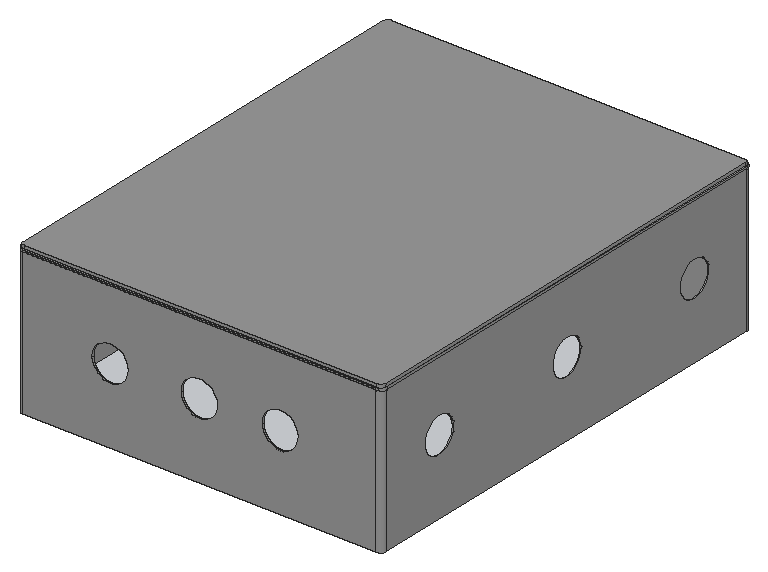
Revit family "Building-SurfaceMountingEnclosures-GEWISS-44CE-JUNCTION-BOXES-WALL-MOUNTING_12HOLES", category Apparecchi elettrici, host Superficie, Revit 2016
Family settings
  Host = Superficie
  Mantenere orientamento annotazione = Sì
  Tipo di parte = Normale
  Quota connettore circolare = Usa diametro
  Numero OmniClass = 23.80.30.14.24
  Titolo OmniClass = Junction Boxes
  Taglio con vuoti quando caricato = No
  Condiviso = No
  Punto di calcolo locali = Sì
Parameters (values of type "GW44060 - JUNCT.BOX GL.380X300X120 IP55 GWT960")
  raggio = 15 mm
  Walls = "With cable glands"
  Voltaggio_x = 0 V
  Version file RFA = "18.0"
  VISTA DI PIANTA [instance] = yes
  URL = "https://www.gewiss.com/ww/en"
  Type of material = ""
  Torque screws tightening = "1,8NM"
  Thermo-pressure with ball = "85 °C"
  Technical sheet = "https://www.gewiss.com/ww/en/search?q=GW44060"
  Spostamento_x [instance] = 0 mm
  Spostamento_effettivo_x [instance] = 4000 mm - Spostamento_x  # 4000 mm
  Shock resistance = "IK08"
  SEO = "Box"
  Realized by GEWISS S.p.A. = ""
  Produttore = "GEWISS S.p.A."
  Operating temperature = "-25 +60 °C"
  Material = "Technopolymer GWPLAST 75"
  Lid screws (no. and type) = "4 insul. sealable hinged"
  Lid = "Plain screwed"
  Internal dim. LxHxD (mm) = "380x300x120"
  Insulation class = "II (according to IEC 61140 standards)"
  Immagine tipo = GW44060.jpg
  Scatola = GEWISS SCATOLA
  SIMBOLO [instance] = yes
  Modello = "GW44060"
  IP degree = "IP55"
  IDT = "3c1c6504-ca7d-486c-980e-388c46ab8b09"
  IDF = "b295e427-0e84-407e-92a9-23a04096eefe"
  Glow Wire Test = "960°C"
  Entries No. holes / Ã˜ = "12 / 48"
  Electrocod = "02210"
  EAN code = "8011564243859"
  Distanza orizzontale simbolo [instance] = 0 mm
  Distanza dal muro [instance] = 0 mm
  Default Elevation = 1219.2 mm
  Lunghezza_interna = 300 mm
  Larghezza_interna = 380 mm
  Spessore = 120 mm
  Diametro connessioni = 30 mm
  Dettaglio = Elemento di dettaglio - 44CE-12IN : 380X300X120
  Descrizione = "JUNCT.BOX GL.380X300X120 IP55 GWT960"
  Coperchio = GEWISS COPERCHIO
  Colour = "Grey RAL 7035"
  Classificazione = Other
  Catalogue Range = "44 CE"
  Catalogue = "BUILDING"
  Carico apparente = 0 VA
  CORNICE SIMBOLO [instance] = no
  COBie.Tagnumber = ""
  COBie.CreatedOn = ""
  COBie.CreatebBy = ""
  COBie.ComponentRegisterItemID = ""
  COBie.Component.TagNumber = ""
  COBie.Component.Space = ""
  COBie.Component.SerialNumber = ""
  COBie.Component.InstallationDate = ""
  COBie.Component.Description = ""
  COBie.Component.BarCode = ""
  Application = "Special uses"
  Accessories for insulation restoring = "GW44621, GW44623"
Reference planes
  plane 1 "Centro (Fronte/Retro)": y = 0
  plane 2 "base muro": z = 0
  plane 3 "Centro (Sinistra/Destra)": x = 0
  plane 4: x = -151.081
  plane 5: y = 191.081
  plane 6: x = 151.081
  plane 7: y = -191.081
  plane 8: y = 190
  plane 9: x = -150
  plane 10: y = -190
  plane 11: x = 150
  plane 12: y = 195.081
  plane 13: x = 155.081
  plane 14: y = -195.081
  plane 15: x = -155.081
  plane 16: z = 120
  plane 17: z = 124
  plane 18: z = 1
  plane 19: x = -73.824
  plane 20: x = 66.938
  plane 21: y = -132
  plane 22: y = 132
  plane 23 "a": z = 62.5
  plane 24: x = 0
  plane 25: x = -4000
Forms (mm)
  Extrusion 1, solid, material "GEWISS SCATOLA" <- "Scatola"
    sketch origin (0, 0, 0) x (1, 0, 0) y (0, 1, 0)
      loop
        arc (-145.934, 191.081) -> (-149.573, 189.573) -> (-151.081, 185.934) r 5.147
        line (-151.081, 185.934) -> (-151.081, -185.934)
        arc (-151.081, -185.934) -> (-149.573, -189.573) -> (-145.934, -191.081) r 5.147
        line (-145.934, -191.081) -> (145.934, -191.081)
        arc (145.934, -191.081) -> (149.573, -189.573) -> (151.081, -185.934) r 5.147
        line (151.081, -185.934) -> (151.081, 185.934)
        arc (151.081, 185.934) -> (149.573, 189.573) -> (145.934, 191.081) r 5.147
        line (145.934, 191.081) -> (-145.934, 191.081)
      loop
        arc (-145.934, 190) -> (-148.809, 188.809) -> (-150, 185.934) r 4.066
        line (-150, 185.934) -> (-150, -185.934)
        arc (-150, -185.934) -> (-148.809, -188.809) -> (-145.934, -190) r 4.066
        line (-145.934, -190) -> (145.936, -190)
        arc (145.936, -190) -> (148.81, -188.809) -> (150.001, -185.935) r 4.065
        line (150.001, -185.935) -> (150.001, 185.934)
        arc (150.001, 185.934) -> (148.81, 188.809) -> (145.934, 190) r 4.066
        line (145.934, 190) -> (-145.934, 190)
    from 0 to 120
  Extrusion 2, solid, material "GEWISS COPERCHIO" <- "Coperchio"
    sketch origin (0, 0, 0) x (1, 0, 0) y (0, 1, 0)
      loop
        line (145.934, 191.081) -> (-145.934, 191.081)
        arc (-145.934, 191.081) -> (-149.573, 189.573) -> (-151.081, 185.934) r 5.147
        line (-151.081, 185.934) -> (-151.081, -185.934)
        arc (-151.081, -185.934) -> (-149.573, -189.573) -> (-145.934, -191.081) r 5.147
        line (-145.934, -191.081) -> (145.934, -191.081)
        arc (145.934, -191.081) -> (149.573, -189.573) -> (151.081, -185.934) r 5.147
        line (151.081, -185.934) -> (151.081, 185.934)
        arc (151.081, 185.934) -> (149.573, 189.573) -> (145.934, 191.081) r 5.147
    from 120 to 124
  Sweep 3, void
    path in 3D
      loop
        arc (-151.081, -185.934, 124) -> (-149.573, -189.573, 124) -> (-145.934, -191.081, 124) r 5.147
        line (-145.934, -191.081, 124) -> (145.934, -191.081, 124)
        arc (145.934, -191.081, 124) -> (149.573, -189.573, 124) -> (151.081, -185.934, 124) r 5.147
        line (151.081, -185.934, 124) -> (151.081, 185.934, 124)
        arc (151.081, 185.934, 124) -> (149.573, 189.573, 124) -> (145.934, 191.081, 124) r 5.147
        line (145.934, 191.081, 124) -> (-145.934, 191.081, 124)
        arc (-145.934, 191.081, 124) -> (-149.573, 189.573, 124) -> (-151.081, 185.934, 124) r 5.147
        line (-151.081, 185.934, 124) -> (-151.081, -185.934, 124)
    profile origin (-151.081, 0, 124) x (1, 0, 0) y (0, 0, 1)
      loop
        line (0, 0) -> (0, -2.269) -> (1.081, -2.269) -> (1.081, 0) -> (0, 0)
  Extrusion 4, solid
    sketch origin (0, 0, 0) x (1, 0, 0) y (0, 1, 0)
      loop
        arc (-145.934, 190) -> (-148.809, 188.809) -> (-150, 185.934) r 4.066
        line (-150, 185.934) -> (-150, -185.934)
        arc (-150, -185.934) -> (-148.809, -188.809) -> (-145.934, -190) r 4.066
        line (-145.934, -190) -> (145.936, -190)
        arc (145.936, -190) -> (148.81, -188.809) -> (150.001, -185.935) r 4.065
        line (150.001, -185.935) -> (150.001, 185.934)
        arc (150.001, 185.934) -> (148.81, 188.809) -> (145.934, 190) r 4.066
        line (145.934, 190) -> (-145.934, 190)
    from 0 to 1
  Sweep 5, void
    path origin (0, 0, 62.5) x (-1, 0, 0) y (0, -1, 0)
      loop
        line (151.537, -132) -> (-151.537, -132)
    profile origin (0, 132, 62.5) x (0, 1, 0) y (0, 0, 1)
      loop
        circle (0, 0) r 15
      loop
        circle (-132, 0) r 15
      loop
        circle (-264, 0) r 15
  Extrusion 6, void
    sketch origin (0, 0, 0) x (1, 0, 0) y (0, 0, 1)
      loop
        circle (-73.824, 62.5) r 15
      loop
        circle (66.938, 62.5) r 15
      loop
        circle (0, 62.5) r 15
    from -191.081 to 191.081
Cuts and joins
  Sweep 3 cuts Extrusion 2
  Sweep 5, Extrusion 6 cuts Extrusion 1
Lines and regions (mm)
  Masking region 1
    outline origin (0, 0, 0) x (0, 1, 0) y (0, 0, 1)
      loop
        line (-191.081, 0) -> (191.081, 0) -> (191.081, 124) -> (-191.081, 124) -> (-191.081, 0)
  Masking region 2, detail levels medium+fine
    outline origin (0, 0, 0) x (0, 1, 0) y (0, 0, 1)
      loop
        circle (-132, 62.5) r 15
      loop
        circle (0, 62.5) r 15
      loop
        circle (132, 62.5) r 15
  Masking region 3, visible <- "VISTA DI PIANTA"
    outline origin (0, 0, 0) x (1, 0, 0) y (0, 0, 1)
      loop
        line (-151.081, 124) -> (-151.081, 0) -> (151.081, 0) -> (151.081, 124) -> (-151.081, 124)
  sketch lines
    curve 1: line (-151.081, 185.934, 124) -> (-151.081, -185.934, 124)
    curve 2: arc (-145.934, -191.081, 124) -> (-149.573, -189.573, 124) -> (-151.081, -185.934, 124) r 5.147
    curve 3: line (-145.934, -191.081, 124) -> (145.934, -191.081, 124)
    curve 4: arc (151.081, -185.934, 124) -> (149.573, -189.573, 124) -> (145.934, -191.081, 124) r 5.147
    curve 5: line (151.081, -185.934, 124) -> (151.081, 185.934, 124)
    curve 6: arc (145.934, 191.081, 124) -> (149.573, 189.573, 124) -> (151.081, 185.934, 124) r 5.147
    curve 7: line (145.934, 191.081, 124) -> (-145.934, 191.081, 124)
    curve 8: arc (-151.081, 185.934, 124) -> (-149.573, 189.573, 124) -> (-145.934, 191.081, 124) r 5.147
Dimensions and locks
  locked: plane 4 to plane 9 at 1.081
  locked: plane 5 to plane 8 at 1.081
  locked: plane 10 to plane 7 at 1.081
  locked: plane 11 to plane 6 at 1.081
  locked: plane 7 to plane 14 at 4
  locked: plane 15 to plane 4 at 4
  locked: plane 6 to plane 13 at 4
  locked: plane 12 to plane 5 at 4
  equal spacing: plane 9, plane 3 "Centro (Sinistra/Destra)", plane 11
  "Lunghezza_interna": plane 9 to plane 11
  equal spacing: plane 8, plane 1 "Centro (Fronte/Retro)", plane 10
  "Larghezza_interna": plane 8 to plane 10
  "Spessore": plane 16 to host face
  locked: plane 17 to plane 16 at 4
  equal spacing: plane 17, plane 23 "a", plane 18
  locked: plane 12 to plane 22 at 63.081
  locked: plane 21 to plane 14 at 63.081
  plane 25 to plane 3 "Centro (Sinistra/Destra)" = 4000 mm
  "Spostamento_effettivo_x": plane 25 to plane 24
  "raggio": radius of Sweep 5 sketch curve  (x3)
  "raggio": radius of Extrusion 6 sketch curve  (x3)
  aligned and locked: plane 2 "base muro" to host face
  aligned and locked: level to host face
  aligned and locked: Extrusion 1 sketch curve to plane 5
  aligned and locked: Extrusion 1 sketch curve to plane 4
  aligned and locked: Extrusion 1 sketch curve to plane 7
  aligned and locked: Extrusion 1 sketch curve to plane 6
  aligned and locked: Extrusion 1 sketch curve to plane 8
  aligned and locked: Extrusion 1 sketch curve to plane 9
  aligned and locked: Extrusion 1 sketch curve to plane 10
  aligned and locked: plane 3 "Centro (Sinistra/Destra)" to nested 1
  aligned and locked: Extrusion 1 to host face
  aligned and locked: plane 16 to Extrusion 1
  aligned and locked: Extrusion 2 sketch curve to Extrusion 1  (x4)
  aligned and locked: Extrusion 2 to plane 16
  aligned and locked: plane 17 to Extrusion 2
  aligned and locked: Extrusion 4 sketch curve to Extrusion 1  (x3)
  aligned and locked: Extrusion 4 sketch curve to cut or joined group of Extrusion 2, Sweep 3
  aligned and locked: Extrusion 4 to host face
  aligned and locked: plane 18 to Extrusion 4
  aligned and locked: plane 23 "a" to Sweep 5 sketch curve  (x3)
  aligned and locked: plane 22 to Sweep 5 sketch curve
  aligned and locked: plane 1 "Centro (Fronte/Retro)" to Sweep 5 sketch curve
  aligned and locked: plane 21 to Sweep 5 sketch curve
  aligned and locked: plane 19 to Extrusion 6 sketch curve
  aligned and locked: plane 23 "a" to Extrusion 6 sketch curve  (x3)
  aligned and locked: plane 3 "Centro (Sinistra/Destra)" to Extrusion 6 sketch curve
  aligned and locked: plane 20 to Extrusion 6 sketch curve
  aligned and locked: Extrusion 1 to Extrusion 6
  aligned and locked: Masking region 1 sketch curve to cut or joined group of Extrusion 1, Sweep 5, Extrusion 6  (x2)
  aligned and locked: plane 17 to Masking region 1 sketch curve
  aligned and locked: plane 5 to Masking region 1 sketch curve
  aligned and locked: Masking region 2 sketch curve to cut or joined group of Extrusion 1, Sweep 5, Extrusion 6  (x2)
  aligned and locked: Masking region 3 sketch curve to plane 17
  aligned and locked: Masking region 3 sketch curve to cut or joined group of Extrusion 1, Sweep 5, Extrusion 6  (x2)
  aligned and locked: Masking region 3 sketch curve to plane 4
  aligned and locked: plane 24 to nested 2
  aligned and locked: Extrusion 6 to plane 7
  aligned and locked: plane 5 to Extrusion 6
Automatic sketch dimensions
  host sketch curve to host sketch curve = 2438.4 mm  (x2)
  Extrusion 1 sketch curve to plane 4 = 5.147 mm  (x2)
  plane 6 to Extrusion 1 sketch curve = 5.147 mm
  Extrusion 1 sketch curve to plane 5 = 5.147 mm
  Extrusion 1 sketch curve to Extrusion 1 sketch curve = 0 mm  (x2)
  Extrusion 1 sketch curve to Extrusion 1 sketch curve = 0.001 mm  (x2)
  Extrusion 1 sketch curve to plane 8 = 4.066 mm
  Extrusion 2 sketch curve to plane 8 = 4.066 mm  (x2)
  plane 10 to Extrusion 2 sketch curve = 4.066 mm  (x2)
  profile plane to Sweep 3 sketch curve = 0 mm
  Sweep 3 sketch curve to profile plane = 0 mm
  Sweep 3 sketch curve to profile plane = 1.081 mm
  Sweep 3 sketch curve to Sweep 3 sketch curve = 2.269 mm
  plane 9 to Extrusion 4 sketch curve = 4.066 mm
  Extrusion 4 sketch curve to plane 11 = 4.066 mm
  Extrusion 4 sketch curve to Extrusion 4 sketch curve = 4.066 mm
  Extrusion 4 sketch curve to plane 11 = 4.064 mm
  Sweep 5 sketch curve to plane 22 = 0 mm
  Sweep 5 sketch curve to plane 6 = 0.456 mm
  plane 4 to Sweep 5 sketch curve = 0.456 mm
  Masking region 2 sketch curve to Masking region 2 sketch curve = 0 mm  (x4)
  Masking region 2 sketch curve to plane 23 "a" = 0 mm  (x2)
  Masking region 2 sketch curve to plane 1 "Centro (Fronte/Retro)" = 0 mm
  Masking region 2 sketch curve to plane 22 = 0 mm
  plane 1 "Centro (Fronte/Retro)" to Masking region 2 sketch curve = 15 mm
  Masking region 2 sketch curve to plane 22 = 15 mm
Nested families
  nested 1: "Elemento di dettaglio - 44CE-12IN" at (0, 0, 0), type <- "Dettaglio", type "380X300X120"
  nested 2: "CASSDERIVAZPARPASS" at (0, -9.516, 0), BORDO ACCESO <- "CORNICE SIMBOLO", SIMBOLO ACCESO <- "SIMBOLO", Distanza dal muro <- "Distanza dal muro", type "CASSETTA"
    with SIMBOLO ACCESO yes, Distanza dal muro 0 mm, BORDO ACCESO no
Connectors
  electrical at (0, 0, 0), driven by "Classificazione", driven by "Voltaggio_x", driven by "Carico apparente"
    settings: on Extrusion 1, index 1, voltage 0 V, apparent load 0 VA, apparent load phase1 0 VA, apparent load phase2 0 VA, apparent load phase3 0 VA, power factor 1, load classification "Other", number of poles 1, system type 31, power factor state 1, is connector primary yes, connector utility no, sub classification motor no, connector description ""
  cabletrayconduit at (-151.081, 132, 62.5), diameter 30, driven by "Diametro connessioni"
    settings: on cut or joined group of Extrusion 1, Sweep 5, Extrusion 6, index 2, connector width 300 mm, connector height 300 mm, connector angle 0.00°, system type 32, placement type 0, profile type 0, connector reference index -1, is primary connector yes, connector utility param no, connector description ""
  cabletrayconduit at (-151.081, 0, 62.5), diameter 30, driven by "Diametro connessioni"
    settings: on cut or joined group of Extrusion 1, Sweep 5, Extrusion 6, index 3, connector width 300 mm, connector height 300 mm, connector angle 0.00°, system type 32, placement type 0, profile type 0, connector reference index -1, is primary connector no, connector utility param no, connector description ""
  cabletrayconduit at (-151.081, -132, 62.5), diameter 30, driven by "Diametro connessioni"
    settings: on cut or joined group of Extrusion 1, Sweep 5, Extrusion 6, index 4, connector width 300 mm, connector height 300 mm, connector angle 0.00°, system type 32, placement type 0, profile type 0, connector reference index -1, is primary connector no, connector utility param no, connector description ""
  cabletrayconduit at (-73.824, -191.081, 62.5), diameter 30, driven by "Diametro connessioni"
    settings: on cut or joined group of Extrusion 1, Sweep 5, Extrusion 6, index 5, connector width 300 mm, connector height 300 mm, connector angle 0.00°, system type 32, placement type 0, profile type 0, connector reference index -1, is primary connector no, connector utility param no, connector description ""
  cabletrayconduit at (0, -191.081, 62.5), diameter 30, driven by "Diametro connessioni"
    settings: on cut or joined group of Extrusion 1, Sweep 5, Extrusion 6, index 6, connector width 300 mm, connector height 300 mm, connector angle 0.00°, system type 32, placement type 0, profile type 0, connector reference index -1, is primary connector no, connector utility param no, connector description ""
  cabletrayconduit at (66.938, -191.081, 62.5), diameter 30, driven by "Diametro connessioni"
    settings: on cut or joined group of Extrusion 1, Sweep 5, Extrusion 6, index 7, connector width 300 mm, connector height 300 mm, connector angle 0.00°, system type 32, placement type 0, profile type 0, connector reference index -1, is primary connector no, connector utility param no, connector description ""
  cabletrayconduit at (151.081, -132, 62.5), diameter 30, driven by "Diametro connessioni"
    settings: on cut or joined group of Extrusion 1, Sweep 5, Extrusion 6, index 8, connector width 300 mm, connector height 300 mm, connector angle 0.00°, system type 32, placement type 0, profile type 0, connector reference index -1, is primary connector no, connector utility param no, connector description ""
  cabletrayconduit at (151.081, 0, 62.5), diameter 30, driven by "Diametro connessioni"
    settings: on cut or joined group of Extrusion 1, Sweep 5, Extrusion 6, index 9, connector width 300 mm, connector height 300 mm, connector angle 0.00°, system type 32, placement type 0, profile type 0, connector reference index -1, is primary connector no, connector utility param no, connector description ""
  cabletrayconduit at (151.081, 132, 62.5), diameter 30, driven by "Diametro connessioni"
    settings: on cut or joined group of Extrusion 1, Sweep 5, Extrusion 6, index 10, connector width 300 mm, connector height 300 mm, connector angle 0.00°, system type 32, placement type 0, profile type 0, connector reference index -1, is primary connector no, connector utility param no, connector description ""
  cabletrayconduit at (66.938, 191.081, 62.5), diameter 30, driven by "Diametro connessioni"
    settings: on cut or joined group of Extrusion 1, Sweep 5, Extrusion 6, index 11, connector width 300 mm, connector height 300 mm, connector angle 0.00°, system type 32, placement type 0, profile type 0, connector reference index -1, is primary connector no, connector utility param no, connector description ""
  cabletrayconduit at (0, 191.081, 62.5), diameter 30, driven by "Diametro connessioni"
    settings: on cut or joined group of Extrusion 1, Sweep 5, Extrusion 6, index 12, connector width 300 mm, connector height 300 mm, connector angle 0.00°, system type 32, placement type 0, profile type 0, connector reference index -1, is primary connector no, connector utility param no, connector description ""
  cabletrayconduit at (-73.824, 191.081, 62.5), diameter 30, driven by "Diametro connessioni"
    settings: on cut or joined group of Extrusion 1, Sweep 5, Extrusion 6, index 13, connector width 300 mm, connector height 300 mm, connector angle 0.00°, system type 32, placement type 0, profile type 0, connector reference index -1, is primary connector no, connector utility param no, connector description ""
Definition of nested family "Elemento di dettaglio - 44CE-12IN"
  Parameters (values of type "380X300X120")
    380X300X120 = yes
    300X220X120 = no
    240X190X90 = no
  Types (3, lengths in mm): name | 380X300X120 | 300X220X120 | 240X190X90
    240X190X90 | no | no | yes
    300X220X120 | no | yes | no
    380X300X120 | yes | no | no
  Reference planes
    plane 1 "Centro (Fronte/Retro)": y = 0
    plane 2: z = 0
    plane 3 "Centro (Sinistra/Destra)": x = 0
  Lines and regions (mm)
    detail lines, in view "Livello rif.", visible <- "240X190X90"
      curve 1: arc (96.537, 113.781, 0) -> (93.679, 120.679, 0) -> (86.781, 123.537, 0) r 9.756
      curve 2: arc (-86.781, 123.537, 0) -> (-93.679, 120.679, 0) -> (-96.537, 113.781, 0) r 9.756
      curve 3: arc (86.781, -123.537, 0) -> (93.679, -120.679, 0) -> (96.537, -113.781, 0) r 9.756
      curve 5: arc (-96.537, -113.781, 0) -> (-93.679, -120.679, 0) -> (-86.781, -123.537, 0) r 9.756
      curve 40: line (-86.781, -123.537, 0) -> (86.781, -123.537, 0)
      curve 62: line (96.537, 113.781, 0) -> (96.537, -113.781, 0)
      curve 64: line (-96.537, 113.781, 0) -> (-96.537, -113.781, 0)
      curve 77: line (-86.781, 123.537, 0) -> (86.781, 123.537, 0)
    detail lines, in view "Livello rif.", visible <- "240X190X90", detail levels medium+fine
      curve 4: arc (86.781, -120.122, 0) -> (91.265, -118.265, 0) -> (93.122, -113.781, 0) r 6.341
      curve 6: arc (-93.122, -113.781, 0) -> (-91.265, -118.265, 0) -> (-86.781, -120.122, 0) r 6.341
      curve 24: arc (-86.781, 120.122, 0) -> (-91.265, 118.265, 0) -> (-93.122, 113.781, 0) r 6.341
      curve 26: arc (93.122, 113.781, 0) -> (91.265, 118.265, 0) -> (86.781, 120.122, 0) r 6.341
      curve 41: line (-86.781, -120.122, 0) -> (86.781, -120.122, 0)
      curve 63: line (93.122, 113.781, 0) -> (93.122, -113.781, 0)
      curve 65: line (-93.122, 113.781, 0) -> (-93.122, -113.781, 0)
      curve 78: line (-86.781, 120.122, 0) -> (86.781, 120.122, 0)
    detail lines, in view "Livello rif.", visible <- "240X190X90", detail levels fine
      curve 7: arc (-63.117, -125.959, 0) -> (-62.212, -128.13, 0) -> (-60.037, -129.024, 0) r 3.073
      curve 8: arc (14.007, -129.024, 0) -> (16.176, -128.122, 0) -> (17.073, -125.951, 0) r 3.073
      curve 9: arc (-17.073, -125.959, 0) -> (-16.168, -128.13, 0) -> (-13.993, -129.024, 0) r 3.073
      curve 10: arc (-32.037, -129.024, 0) -> (-29.869, -128.122, 0) -> (-28.971, -125.951, 0) r 3.073
      curve 11: arc (34.806, -125.959, 0) -> (35.711, -128.13, 0) -> (37.886, -129.024, 0) r 3.073
      curve 12: arc (65.886, -129.024, 0) -> (68.054, -128.122, 0) -> (68.952, -125.951, 0) r 3.073
      curve 13: arc (-102.024, -74.007, 0) -> (-101.119, -76.178, 0) -> (-98.944, -77.073, 0) r 3.073
      curve 14: arc (-98.951, -42.927, 0) -> (-101.127, -43.83, 0) -> (-102.024, -46.007, 0) r 3.073
      curve 15: arc (-102.024, -14.007, 0) -> (-101.119, -16.178, 0) -> (-98.944, -17.073, 0) r 3.073
      curve 16: arc (-98.951, 17.073, 0) -> (-101.127, 16.17, 0) -> (-102.024, 13.993, 0) r 3.073
      curve 17: arc (-102.024, 45.993, 0) -> (-101.122, 43.824, 0) -> (-98.951, 42.927, 0) r 3.073
      curve 18: arc (-98.944, 77.073, 0) -> (-101.124, 76.173, 0) -> (-102.024, 73.993, 0) r 3.073
      curve 19: arc (98.959, -77.073, 0) -> (101.127, -76.17, 0) -> (102.024, -74, 0) r 3.073
      curve 20: arc (102.024, -46, 0) -> (101.124, -43.827, 0) -> (98.951, -42.927, 0) r 3.073
      curve 21: arc (98.959, -17.073, 0) -> (101.127, -16.17, 0) -> (102.024, -14, 0) r 3.073
      curve 22: arc (102.024, 14, 0) -> (101.124, 16.173, 0) -> (98.951, 17.073, 0) r 3.073
      curve 23: arc (98.951, 42.927, 0) -> (101.124, 43.827, 0) -> (102.024, 46, 0) r 3.073
      curve 25: arc (102.024, 74, 0) -> (101.127, 76.17, 0) -> (98.959, 77.073, 0) r 3.073
      curve 27: arc (-65.824, 129.024, 0) -> (-68, 128.122, 0) -> (-68.897, 125.944, 0) r 3.073
      curve 28: arc (17.073, 125.951, 0) -> (16.173, 128.124, 0) -> (14, 129.024, 0) r 3.073
      curve 29: arc (-34.751, 125.951, 0) -> (-35.651, 128.124, 0) -> (-37.824, 129.024, 0) r 3.073
      curve 30: arc (-14, 129.024, 0) -> (-16.176, 128.122, 0) -> (-17.073, 125.944, 0) r 3.073
      curve 31: arc (37.879, 129.024, 0) -> (35.703, 128.122, 0) -> (34.806, 125.944, 0) r 3.073
      curve 32: arc (68.952, 125.951, 0) -> (68.052, 128.124, 0) -> (65.879, 129.024, 0) r 3.073
      curve 33: line (68.952, 125.951, 0) -> (68.952, 123.537, 0)
      curve 34: line (34.806, 125.944, 0) -> (34.806, 123.537, 0)
      curve 35: line (17.073, 125.951, 0) -> (17.073, 123.537, 0)
      curve 36: line (-68.897, 125.944, 0) -> (-68.897, 123.537, 0)
      curve 37: line (-34.751, 125.951, 0) -> (-34.751, 123.537, 0)
      curve 38: line (-17.073, 125.944, 0) -> (-17.073, 123.537, 0)
      curve 39: line (-17.073, 123.537, 0) -> (-18.223, 123.537, 0)
      curve 42: line (-32.037, -129.024, 0) -> (-60.037, -129.024, 0)
      curve 43: line (-63.117, -125.959, 0) -> (-63.117, -123.537, 0)
      curve 44: line (-17.073, -125.959, 0) -> (-17.073, -123.537, 0)
      curve 45: line (-17.073, -123.537, 0) -> (-18.223, -123.537, 0)
      curve 46: line (-13.993, -129.024, 0) -> (14.007, -129.024, 0)
      curve 47: line (-28.971, -125.951, 0) -> (-28.971, -123.537, 0)
      curve 48: line (17.072, -125.773, 0) -> (17.072, -123.359, 0)
      curve 49: line (37.886, -129.024, 0) -> (65.886, -129.024, 0)
      curve 50: line (34.806, -125.959, 0) -> (34.806, -123.537, 0)
      curve 51: line (68.952, -125.951, 0) -> (68.952, -123.537, 0)
      curve 52: line (-98.944, 77.073, 0) -> (-96.537, 77.073, 0)
      curve 53: line (-98.951, 42.927, 0) -> (-96.537, 42.927, 0)
      curve 54: line (-98.951, 17.073, 0) -> (-96.537, 17.073, 0)
      curve 55: line (-98.944, -17.073, 0) -> (-96.537, -17.073, 0)
      curve 56: line (-98.951, -42.927, 0) -> (-96.537, -42.927, 0)
      curve 57: line (-96.537, -42.927, 0) -> (-96.537, -80.071, 0)
      curve 58: line (-98.944, -77.073, 0) -> (-96.537, -77.073, 0)
      curve 59: line (-102.024, 13.993, 0) -> (-102.024, -14.007, 0)
      curve 60: line (-102.024, -46.007, 0) -> (-102.024, -74.007, 0)
      curve 61: line (-102.024, 45.993, 0) -> (-102.024, 73.993, 0)
      curve 66: line (102.024, 14, 0) -> (102.024, -14, 0)
      curve 67: line (102.024, -46, 0) -> (102.024, -74, 0)
      curve 68: line (96.537, -39.929, 0) -> (96.537, -42.927, 0)
      curve 69: line (96.537, -42.927, 0) -> (96.537, -80.071, 0)
      curve 70: line (98.959, -77.073, 0) -> (96.537, -77.073, 0)
      curve 71: line (-96.537, -42.927, 0) -> (-96.537, -39.936, 0)
      curve 72: line (98.951, -42.927, 0) -> (96.537, -42.927, 0)
      curve 73: line (98.959, -17.073, 0) -> (96.537, -17.073, 0)
      curve 74: line (102.024, 46, 0) -> (102.024, 74, 0)
      curve 75: line (98.951, 17.073, 0) -> (96.537, 17.073, 0)
      curve 76: line (98.951, 42.927, 0) -> (96.537, 42.927, 0)
      curve 79: line (-73.204, 120.464, 0) -> (-73.204, 120.122, 0)
      curve 80: line (96.537, 77.073, 0) -> (98.959, 77.073, 0)
      curve 81: line (98.959, 77.073, 0) -> (96.537, 77.073, 0)
      curve 82: line (-37.824, 129.024, 0) -> (-65.824, 129.024, 0)
      curve 83: line (-14, 129.024, 0) -> (14, 129.024, 0)
      curve 84: line (37.879, 129.024, 0) -> (65.879, 129.024, 0)
    detail lines, in view "Livello rif.", visible <- "240X190X90", not visible
      curve 85: arc (96.537, 113.781, 0) -> (93.679, 120.679, 0) -> (86.781, 123.537, 0) r 9.756
      curve 86: arc (-86.781, 123.537, 0) -> (-93.679, 120.679, 0) -> (-96.537, 113.781, 0) r 9.756
      curve 87: arc (86.781, -123.537, 0) -> (93.679, -120.679, 0) -> (96.537, -113.781, 0) r 9.756
      curve 89: arc (-96.537, -113.781, 0) -> (-93.679, -120.679, 0) -> (-86.781, -123.537, 0) r 9.756
      curve 124: line (-86.781, -123.537, 0) -> (86.781, -123.537, 0)
      curve 146: line (96.537, 113.781, 0) -> (96.537, -113.781, 0)
      curve 148: line (-96.537, 113.781, 0) -> (-96.537, -113.781, 0)
      curve 161: line (-86.781, 123.537, 0) -> (86.781, 123.537, 0)
    detail lines, in view "Livello rif.", visible <- "240X190X90", not visible, detail levels medium+fine
      curve 88: arc (86.781, -120.122, 0) -> (91.265, -118.265, 0) -> (93.122, -113.781, 0) r 6.341
      curve 90: arc (-93.122, -113.781, 0) -> (-91.265, -118.265, 0) -> (-86.781, -120.122, 0) r 6.341
      curve 108: arc (-86.781, 120.122, 0) -> (-91.265, 118.265, 0) -> (-93.122, 113.781, 0) r 6.341
      curve 110: arc (93.122, 113.781, 0) -> (91.265, 118.265, 0) -> (86.781, 120.122, 0) r 6.341
      curve 125: line (-86.781, -120.122, 0) -> (86.781, -120.122, 0)
      curve 147: line (93.122, 113.781, 0) -> (93.122, -113.781, 0)
      curve 149: line (-93.122, 113.781, 0) -> (-93.122, -113.781, 0)
      curve 162: line (-86.781, 120.122, 0) -> (86.781, 120.122, 0)
    detail lines, in view "Livello rif.", visible <- "240X190X90", not visible, detail levels fine
      curve 91: arc (-63.117, -125.959, 0) -> (-62.212, -128.13, 0) -> (-60.037, -129.024, 0) r 3.073
      curve 92: arc (14.007, -129.024, 0) -> (16.176, -128.122, 0) -> (17.073, -125.951, 0) r 3.073
      curve 93: arc (-17.073, -125.959, 0) -> (-16.168, -128.13, 0) -> (-13.993, -129.024, 0) r 3.073
      curve 94: arc (-32.037, -129.024, 0) -> (-29.869, -128.122, 0) -> (-28.971, -125.951, 0) r 3.073
      curve 95: arc (34.806, -125.959, 0) -> (35.711, -128.13, 0) -> (37.886, -129.024, 0) r 3.073
      curve 96: arc (65.886, -129.024, 0) -> (68.054, -128.122, 0) -> (68.952, -125.951, 0) r 3.073
      curve 97: arc (-102.024, -74.007, 0) -> (-101.119, -76.178, 0) -> (-98.944, -77.073, 0) r 3.073
      curve 98: arc (-98.951, -42.927, 0) -> (-101.127, -43.83, 0) -> (-102.024, -46.007, 0) r 3.073
      curve 99: arc (-102.024, -14.007, 0) -> (-101.119, -16.178, 0) -> (-98.944, -17.073, 0) r 3.073
      curve 100: arc (-98.951, 17.073, 0) -> (-101.127, 16.17, 0) -> (-102.024, 13.993, 0) r 3.073
      curve 101: arc (-102.024, 45.993, 0) -> (-101.122, 43.824, 0) -> (-98.951, 42.927, 0) r 3.073
      curve 102: arc (-98.944, 77.073, 0) -> (-101.124, 76.173, 0) -> (-102.024, 73.993, 0) r 3.073
      curve 103: arc (98.959, -77.073, 0) -> (101.127, -76.17, 0) -> (102.024, -74, 0) r 3.073
      curve 104: arc (102.024, -46, 0) -> (101.124, -43.827, 0) -> (98.951, -42.927, 0) r 3.073
      curve 105: arc (98.959, -17.073, 0) -> (101.127, -16.17, 0) -> (102.024, -14, 0) r 3.073
      curve 106: arc (102.024, 14, 0) -> (101.124, 16.173, 0) -> (98.951, 17.073, 0) r 3.073
      curve 107: arc (98.951, 42.927, 0) -> (101.124, 43.827, 0) -> (102.024, 46, 0) r 3.073
      curve 109: arc (102.024, 74, 0) -> (101.127, 76.17, 0) -> (98.959, 77.073, 0) r 3.073
      curve 111: arc (-65.824, 129.024, 0) -> (-68, 128.122, 0) -> (-68.897, 125.944, 0) r 3.073
      curve 112: arc (17.073, 125.951, 0) -> (16.173, 128.124, 0) -> (14, 129.024, 0) r 3.073
      curve 113: arc (-34.751, 125.951, 0) -> (-35.651, 128.124, 0) -> (-37.824, 129.024, 0) r 3.073
      curve 114: arc (-14, 129.024, 0) -> (-16.176, 128.122, 0) -> (-17.073, 125.944, 0) r 3.073
      curve 115: arc (37.879, 129.024, 0) -> (35.703, 128.122, 0) -> (34.806, 125.944, 0) r 3.073
      curve 116: arc (68.952, 125.951, 0) -> (68.052, 128.124, 0) -> (65.879, 129.024, 0) r 3.073
      curve 117: line (68.952, 125.951, 0) -> (68.952, 123.537, 0)
      curve 118: line (34.806, 125.944, 0) -> (34.806, 123.537, 0)
      curve 119: line (17.073, 125.951, 0) -> (17.073, 123.537, 0)
      curve 120: line (-68.897, 125.944, 0) -> (-68.897, 123.537, 0)
      curve 121: line (-34.751, 125.951, 0) -> (-34.751, 123.537, 0)
      curve 122: line (-17.073, 125.944, 0) -> (-17.073, 123.537, 0)
      curve 123: line (-17.073, 123.537, 0) -> (-18.223, 123.537, 0)
      curve 126: line (-32.037, -129.024, 0) -> (-60.037, -129.024, 0)
      curve 127: line (-63.117, -125.959, 0) -> (-63.117, -123.537, 0)
      curve 128: line (-17.073, -125.959, 0) -> (-17.073, -123.537, 0)
      curve 129: line (-17.073, -123.537, 0) -> (-18.223, -123.537, 0)
      curve 130: line (-13.993, -129.024, 0) -> (14.007, -129.024, 0)
      curve 131: line (-28.971, -125.951, 0) -> (-28.971, -123.537, 0)
      curve 132: line (17.072, -125.773, 0) -> (17.072, -123.359, 0)
      curve 133: line (37.886, -129.024, 0) -> (65.886, -129.024, 0)
      curve 134: line (34.806, -125.959, 0) -> (34.806, -123.537, 0)
      curve 135: line (68.952, -125.951, 0) -> (68.952, -123.537, 0)
      curve 136: line (-98.944, 77.073, 0) -> (-96.537, 77.073, 0)
      curve 137: line (-98.951, 42.927, 0) -> (-96.537, 42.927, 0)
      curve 138: line (-98.951, 17.073, 0) -> (-96.537, 17.073, 0)
      curve 139: line (-98.944, -17.073, 0) -> (-96.537, -17.073, 0)
      curve 140: line (-98.951, -42.927, 0) -> (-96.537, -42.927, 0)
      curve 141: line (-96.537, -42.927, 0) -> (-96.537, -80.071, 0)
      curve 142: line (-98.944, -77.073, 0) -> (-96.537, -77.073, 0)
      curve 143: line (-102.024, 13.993, 0) -> (-102.024, -14.007, 0)
      curve 144: line (-102.024, -46.007, 0) -> (-102.024, -74.007, 0)
      curve 145: line (-102.024, 45.993, 0) -> (-102.024, 73.993, 0)
      curve 150: line (102.024, 14, 0) -> (102.024, -14, 0)
      curve 151: line (102.024, -46, 0) -> (102.024, -74, 0)
      curve 152: line (96.537, -39.929, 0) -> (96.537, -42.927, 0)
      curve 153: line (96.537, -42.927, 0) -> (96.537, -80.071, 0)
      curve 154: line (98.959, -77.073, 0) -> (96.537, -77.073, 0)
      curve 155: line (-96.537, -42.927, 0) -> (-96.537, -39.936, 0)
      curve 156: line (98.951, -42.927, 0) -> (96.537, -42.927, 0)
      curve 157: line (98.959, -17.073, 0) -> (96.537, -17.073, 0)
      curve 158: line (102.024, 46, 0) -> (102.024, 74, 0)
      curve 159: line (98.951, 17.073, 0) -> (96.537, 17.073, 0)
      curve 160: line (98.951, 42.927, 0) -> (96.537, 42.927, 0)
      curve 163: line (-73.204, 120.464, 0) -> (-73.204, 120.122, 0)
      curve 164: line (96.537, 77.073, 0) -> (98.959, 77.073, 0)
      curve 165: line (98.959, 77.073, 0) -> (96.537, 77.073, 0)
      curve 166: line (-37.824, 129.024, 0) -> (-65.824, 129.024, 0)
      curve 167: line (-14, 129.024, 0) -> (14, 129.024, 0)
      curve 168: line (37.879, 129.024, 0) -> (65.879, 129.024, 0)
    detail lines, in view "Livello rif.", visible <- "300X220X120"
      curve 169: arc (118.537, 143.781, 0) -> (115.679, 150.679, 0) -> (108.781, 153.537, 0) r 9.756
      curve 170: arc (-108.781, 153.537, 0) -> (-115.679, 150.679, 0) -> (-118.537, 143.781, 0) r 9.756
      curve 171: arc (108.781, -153.537, 0) -> (115.679, -150.679, 0) -> (118.537, -143.781, 0) r 9.756
      curve 173: arc (-118.537, -143.781, 0) -> (-115.679, -150.679, 0) -> (-108.781, -153.537, 0) r 9.756
      curve 202: line (-108.781, -153.537, 0) -> (108.781, -153.537, 0)
      curve 211: line (118.537, 143.781, 0) -> (118.537, -143.781, 0)
      curve 213: line (-118.537, 143.781, 0) -> (-118.537, -143.781, 0)
      curve 228: line (-108.781, 153.537, 0) -> (108.781, 153.537, 0)
    detail lines, in view "Livello rif.", visible <- "300X220X120", detail levels medium+fine
      curve 172: arc (108.781, -150.122, 0) -> (113.265, -148.265, 0) -> (115.122, -143.781, 0) r 6.341
      curve 174: arc (-115.122, -143.781, 0) -> (-113.265, -148.265, 0) -> (-108.781, -150.122, 0) r 6.341
      curve 186: arc (-108.781, 148.537, 0) -> (-113.265, 146.679, 0) -> (-115.122, 142.195, 0) r 6.341
      curve 194: arc (115.122, 142.195, 0) -> (113.265, 146.679, 0) -> (108.781, 148.537, 0) r 6.341
      curve 203: line (-108.781, -150.122, 0) -> (108.781, -150.122, 0)
      curve 212: line (115.122, 142.195, 0) -> (115.122, -143.781, 0)
      curve 214: line (-115.122, 142.195, 0) -> (-115.122, -143.781, 0)
      curve 229: line (-108.781, 148.537, 0) -> (108.781, 148.537, 0)
    detail lines, in view "Livello rif.", visible <- "300X220X120", detail levels fine
      curve 175: arc (-123.828, -76.007, 0) -> (-121.898, -78.853, 0) -> (-118.537, -78.127, 0) r 3.073
      curve 176: arc (-118.537, -45.873, 0) -> (-121.905, -45.15, 0) -> (-123.828, -48.007, 0) r 3.073
      curve 177: arc (-124.024, -14.007, 0) -> (-123.124, -16.173, 0) -> (-120.959, -17.073, 0) r 3.073
      curve 178: arc (-120.951, 17.073, 0) -> (-123.127, 16.17, 0) -> (-124.024, 13.993, 0) r 3.073
      curve 179: arc (-124.024, 47.993, 0) -> (-123.122, 45.824, 0) -> (-120.951, 44.927, 0) r 3.073
      curve 180: arc (-120.944, 79.073, 0) -> (-123.124, 78.173, 0) -> (-124.024, 75.993, 0) r 3.073
      curve 181: arc (120.984, -79.073, 0) -> (123.162, -78.176, 0) -> (124.064, -76, 0) r 3.073
      curve 182: arc (124.064, -48, 0) -> (123.164, -45.827, 0) -> (120.991, -44.927, 0) r 3.073
      curve 183: arc (120.944, -17.073, 0) -> (123.122, -16.176, 0) -> (124.024, -14, 0) r 3.073
      curve 184: arc (124.024, 14, 0) -> (123.124, 16.173, 0) -> (120.951, 17.073, 0) r 3.073
      curve 185: arc (120.951, 44.927, 0) -> (123.124, 45.827, 0) -> (124.024, 48, 0) r 3.073
      curve 187: arc (-92.131, 158.537, 0) -> (-94.304, 157.637, 0) -> (-95.204, 155.464, 0) r 3.073
      curve 188: arc (21.38, 155.464, 0) -> (20.48, 157.637, 0) -> (18.307, 158.537, 0) r 3.073
      curve 189: arc (-18.307, 158.537, 0) -> (-20.48, 157.637, 0) -> (-21.38, 155.464, 0) r 3.073
      curve 190: arc (-52.444, 155.464, 0) -> (-53.345, 157.637, 0) -> (-55.518, 158.537, 0) r 3.073
      curve 191: arc (124.024, 76, 0) -> (123.127, 78.17, 0) -> (120.959, 79.073, 0) r 3.073
      curve 192: arc (48.674, 158.537, 0) -> (46.501, 157.637, 0) -> (45.6, 155.464, 0) r 3.073
      curve 193: arc (88.36, 155.464, 0) -> (87.46, 157.637, 0) -> (85.287, 158.537, 0) r 3.073
      curve 195: arc (-95.204, -155.464, 0) -> (-94.304, -157.637, 0) -> (-92.131, -158.537, 0) r 3.073
      curve 196: arc (-55.518, -158.537, 0) -> (-53.345, -157.637, 0) -> (-52.444, -155.464, 0) r 3.073
      curve 197: arc (-21.38, -155.464, 0) -> (-20.48, -157.637, 0) -> (-18.307, -158.537, 0) r 3.073
      curve 198: arc (18.307, -158.537, 0) -> (20.48, -157.637, 0) -> (21.38, -155.464, 0) r 3.073
      curve 199: arc (45.6, -155.464, 0) -> (46.501, -157.637, 0) -> (48.674, -158.537, 0) r 3.073
      curve 200: line (49.907, 158.537, 0) -> (85.287, 158.537, 0)
      curve 201: line (-17.073, 158.537, 0) -> (-18.223, 158.537, 0)
      curve 204: line (-120.944, 79.073, 0) -> (-118.537, 79.073, 0)
      curve 205: line (-120.951, 44.927, 0) -> (-118.537, 44.927, 0)
      curve 206: line (-120.951, 17.073, 0) -> (-118.537, 17.073, 0)
      curve 207: line (-120.959, -17.073, 0) -> (-118.537, -17.073, 0)
      curve 208: line (-124.024, 13.993, 0) -> (-124.024, -14.007, 0)
      curve 209: line (-123.828, -48.007, 0) -> (-123.828, -76.007, 0)
      curve 210: line (-124.024, 47.993, 0) -> (-124.024, 75.993, 0)
      curve 215: line (124.024, 14, 0) -> (124.024, -14, 0)
      curve 216: line (124.064, -48, 0) -> (124.064, -76, 0)
      curve 217: line (-115.275, -85.145, 0) -> (-114.926, -85.145, 0)
      curve 218: line (120.984, -79.073, 0) -> (118.577, -79.073, 0)
      curve 219: line (-115.267, -38.855, 0) -> (-114.926, -38.855, 0)
      curve 220: line (-115.464, -23.145, 0) -> (-115.122, -23.145, 0)
      curve 221: line (120.991, -44.927, 0) -> (118.577, -44.927, 0)
      curve 222: line (120.944, -17.073, 0) -> (118.537, -17.073, 0)
      curve 223: line (124.024, 48, 0) -> (124.024, 76, 0)
      curve 224: line (-115.464, 38.855, 0) -> (-115.122, 38.855, 0)
      curve 225: line (-115.464, 23.145, 0) -> (-115.122, 23.145, 0)
      curve 226: line (120.951, 17.073, 0) -> (118.537, 17.073, 0)
      curve 227: line (120.951, 44.927, 0) -> (118.537, 44.927, 0)
      curve 230: line (-95.204, 155.464, 0) -> (-95.204, 155.122, 0)
      curve 231: line (-95.204, 155.122, 0) -> (-95.204, 153.537, 0)
      curve 232: line (118.537, 79.073, 0) -> (120.959, 79.073, 0)
      curve 233: line (120.959, 79.073, 0) -> (118.537, 79.073, 0)
      curve 234: line (115.464, 73.883, 0) -> (115.122, 73.883, 0)
      curve 235: line (-92.131, 158.537, 0) -> (-55.518, 158.537, 0)
      curve 236: line (-17.073, 158.537, 0) -> (18.307, 158.537, 0)
      curve 237: line (-52.444, 155.464, 0) -> (-52.444, 153.537, 0)
      curve 238: line (-21.38, 155.464, 0) -> (-21.38, 153.537, 0)
      curve 239: line (21.38, 155.464, 0) -> (21.38, 153.537, 0)
      curve 240: line (45.6, 155.464, 0) -> (45.6, 153.537, 0)
      curve 241: line (88.36, 155.464, 0) -> (88.36, 153.537, 0)
      curve 242: line (21.38, -155.464, 0) -> (21.38, -153.537, 0)
      curve 243: line (-21.38, -155.464, 0) -> (-21.38, -153.537, 0)
      curve 244: line (-52.444, -155.464, 0) -> (-52.444, -153.537, 0)
      curve 245: line (-95.204, -155.464, 0) -> (-95.204, -155.122, 0)
      curve 246: line (-95.204, -155.122, 0) -> (-95.204, -153.537, 0)
      curve 247: line (-92.131, -158.537, 0) -> (-55.518, -158.537, 0)
      curve 248: line (-18.223, -158.537, 0) -> (-17.073, -158.537, 0)
      curve 249: line (-17.073, -158.537, 0) -> (18.307, -158.537, 0)
      curve 250: line (88.36, -155.464, 0) -> (88.36, -153.537, 0)
      curve 251: line (45.6, -155.464, 0) -> (45.6, -153.537, 0)
      curve 252: line (49.907, -158.537, 0) -> (85.287, -158.537, 0)
      curve 253: arc (85.287, -158.537, 0) -> (87.46, -157.637, 0) -> (88.36, -155.464, 0) r 3.073
    detail lines, in view "Livello rif.", visible <- "300X220X120", not visible
      curve 254: arc (549.602, 117.865, 0) -> (546.744, 124.764, 0) -> (539.846, 127.621, 0) r 9.756
      curve 255: arc (322.284, 127.621, 0) -> (315.386, 124.764, 0) -> (312.528, 117.865, 0) r 9.756
      curve 256: arc (539.846, -179.452, 0) -> (546.744, -176.595, 0) -> (549.602, -169.696, 0) r 9.756
      curve 258: arc (312.528, -169.696, 0) -> (315.386, -176.595, 0) -> (322.284, -179.452, 0) r 9.756
      curve 287: line (322.284, -179.452, 0) -> (539.846, -179.452, 0)
      curve 296: line (549.602, 117.865, 0) -> (549.602, -169.696, 0)
      curve 298: line (312.528, 117.865, 0) -> (312.528, -169.696, 0)
      curve 313: line (322.284, 127.621, 0) -> (539.846, 127.621, 0)
    detail lines, in view "Livello rif.", visible <- "300X220X120", not visible, detail levels medium+fine
      curve 257: arc (539.846, -176.038, 0) -> (544.33, -174.18, 0) -> (546.187, -169.696, 0) r 6.341
      curve 259: arc (315.943, -169.696, 0) -> (317.8, -174.18, 0) -> (322.284, -176.038, 0) r 6.341
      curve 271: arc (322.284, 122.621, 0) -> (317.8, 120.764, 0) -> (315.943, 116.28, 0) r 6.341
      curve 279: arc (546.187, 116.28, 0) -> (544.33, 120.764, 0) -> (539.846, 122.621, 0) r 6.341
      curve 288: line (322.284, -176.038, 0) -> (539.846, -176.038, 0)
      curve 297: line (546.187, 116.28, 0) -> (546.187, -169.696, 0)
      curve 299: line (315.943, 116.28, 0) -> (315.943, -169.696, 0)
      curve 314: line (322.284, 122.621, 0) -> (539.846, 122.621, 0)
    detail lines, in view "Livello rif.", visible <- "300X220X120", not visible, detail levels fine
      curve 260: arc (307.237, -101.923, 0) -> (309.167, -104.768, 0) -> (312.528, -104.042, 0) r 3.073
      curve 261: arc (312.528, -71.789, 0) -> (309.161, -71.065, 0) -> (307.237, -73.923, 0) r 3.073
      curve 262: arc (307.041, -39.923, 0) -> (307.941, -42.088, 0) -> (310.106, -42.988, 0) r 3.073
      curve 263: arc (310.114, -8.842, 0) -> (307.938, -9.745, 0) -> (307.041, -11.923, 0) r 3.073
      curve 264: arc (307.041, 22.077, 0) -> (307.943, 19.909, 0) -> (310.114, 19.012, 0) r 3.073
      curve 265: arc (310.121, 53.158, 0) -> (307.941, 52.257, 0) -> (307.041, 50.077, 0) r 3.073
      curve 266: arc (552.049, -104.988, 0) -> (554.227, -104.091, 0) -> (555.13, -101.915, 0) r 3.073
      curve 267: arc (555.13, -73.916, 0) -> (554.229, -71.743, 0) -> (552.056, -70.842, 0) r 3.073
      curve 268: arc (552.009, -42.988, 0) -> (554.187, -42.091, 0) -> (555.09, -39.915, 0) r 3.073
      curve 269: arc (555.09, -11.916, 0) -> (554.19, -9.743, 0) -> (552.016, -8.842, 0) r 3.073
      curve 270: arc (552.016, 19.012, 0) -> (554.19, 19.912, 0) -> (555.09, 22.085, 0) r 3.073
      curve 272: arc (338.934, 132.621, 0) -> (336.761, 131.721, 0) -> (335.861, 129.548, 0) r 3.073
      curve 273: arc (452.445, 129.548, 0) -> (451.545, 131.721, 0) -> (449.372, 132.621, 0) r 3.073
      curve 274: arc (412.759, 132.621, 0) -> (410.586, 131.721, 0) -> (409.685, 129.548, 0) r 3.073
      curve 275: arc (378.621, 129.548, 0) -> (377.721, 131.721, 0) -> (375.548, 132.621, 0) r 3.073
      curve 276: arc (555.09, 50.084, 0) -> (554.192, 52.255, 0) -> (552.024, 53.158, 0) r 3.073
      curve 277: arc (479.739, 132.621, 0) -> (477.566, 131.721, 0) -> (476.666, 129.548, 0) r 3.073
      curve 278: arc (519.425, 129.548, 0) -> (518.525, 131.721, 0) -> (516.352, 132.621, 0) r 3.073
      curve 280: arc (335.861, -181.379, 0) -> (336.761, -183.552, 0) -> (338.934, -184.452, 0) r 3.073
      curve 281: arc (375.548, -184.452, 0) -> (377.721, -183.552, 0) -> (378.621, -181.379, 0) r 3.073
      curve 282: arc (409.685, -181.379, 0) -> (410.586, -183.552, 0) -> (412.759, -184.452, 0) r 3.073
      curve 283: arc (449.372, -184.452, 0) -> (451.545, -183.552, 0) -> (452.445, -181.379, 0) r 3.073
      curve 284: arc (476.666, -181.379, 0) -> (477.566, -183.552, 0) -> (479.739, -184.452, 0) r 3.073
      curve 285: line (480.972, 132.621, 0) -> (516.352, 132.621, 0)
      curve 286: line (413.992, 132.621, 0) -> (412.842, 132.621, 0)
      curve 289: line (310.121, 53.158, 0) -> (312.528, 53.158, 0)
      curve 290: line (310.114, 19.012, 0) -> (312.528, 19.012, 0)
      curve 291: line (310.114, -8.842, 0) -> (312.528, -8.842, 0)
      curve 292: line (310.106, -42.988, 0) -> (312.528, -42.988, 0)
      curve 293: line (307.041, -11.923, 0) -> (307.041, -39.923, 0)
      curve 294: line (307.237, -73.923, 0) -> (307.237, -101.923, 0)
      curve 295: line (307.041, 22.077, 0) -> (307.041, 50.077, 0)
      curve 300: line (555.09, -11.916, 0) -> (555.09, -39.915, 0)
      curve 301: line (555.13, -73.916, 0) -> (555.13, -101.915, 0)
      curve 302: line (315.79, -111.06, 0) -> (316.139, -111.06, 0)
      curve 303: line (552.049, -104.988, 0) -> (549.642, -104.988, 0)
      curve 304: line (315.798, -64.771, 0) -> (316.139, -64.771, 0)
      curve 305: line (315.602, -49.06, 0) -> (315.943, -49.06, 0)
      curve 306: line (552.056, -70.842, 0) -> (549.642, -70.842, 0)
      curve 307: line (552.009, -42.988, 0) -> (549.602, -42.988, 0)
      curve 308: line (555.09, 22.085, 0) -> (555.09, 50.084, 0)
      curve 309: line (315.602, 12.94, 0) -> (315.943, 12.94, 0)
      curve 310: line (315.602, -2.771, 0) -> (315.943, -2.771, 0)
      curve 311: line (552.016, -8.842, 0) -> (549.602, -8.842, 0)
      curve 312: line (552.016, 19.012, 0) -> (549.602, 19.012, 0)
      curve 315: line (335.861, 129.548, 0) -> (335.861, 129.207, 0)
      curve 316: line (335.861, 129.207, 0) -> (335.861, 127.621, 0)
      curve 317: line (549.602, 53.158, 0) -> (552.024, 53.158, 0)
      curve 318: line (552.024, 53.158, 0) -> (549.602, 53.158, 0)
      curve 319: line (546.529, 47.968, 0) -> (546.187, 47.968, 0)
      curve 320: line (338.934, 132.621, 0) -> (375.548, 132.621, 0)
      curve 321: line (413.992, 132.621, 0) -> (449.372, 132.621, 0)
      curve 322: line (378.621, 129.548, 0) -> (378.621, 127.621, 0)
      curve 323: line (409.685, 129.548, 0) -> (409.685, 127.621, 0)
      curve 324: line (452.445, 129.548, 0) -> (452.445, 127.621, 0)
      curve 325: line (476.666, 129.548, 0) -> (476.666, 127.621, 0)
      curve 326: line (519.425, 129.548, 0) -> (519.425, 127.621, 0)
      curve 327: line (452.445, -181.379, 0) -> (452.445, -179.452, 0)
      curve 328: line (409.685, -181.379, 0) -> (409.685, -179.452, 0)
      curve 329: line (378.621, -181.379, 0) -> (378.621, -179.452, 0)
      curve 330: line (335.861, -181.379, 0) -> (335.861, -181.038, 0)
      curve 331: line (335.861, -181.038, 0) -> (335.861, -179.452, 0)
      curve 332: line (338.934, -184.452, 0) -> (375.548, -184.452, 0)
      curve 333: line (412.842, -184.452, 0) -> (413.992, -184.452, 0)
      curve 334: line (413.992, -184.452, 0) -> (449.372, -184.452, 0)
      curve 335: line (519.425, -181.379, 0) -> (519.425, -179.452, 0)
      curve 336: line (476.666, -181.379, 0) -> (476.666, -179.452, 0)
      curve 337: line (480.972, -184.452, 0) -> (516.352, -184.452, 0)
      curve 338: arc (516.352, -184.452, 0) -> (518.525, -183.552, 0) -> (519.425, -181.379, 0) r 3.073
    detail lines, in view "Livello rif.", visible <- "380X300X120"
      curve 339: arc (158.537, 188.781, 0) -> (155.679, 195.679, 0) -> (148.781, 198.537, 0) r 9.756
      curve 340: arc (-148.781, 198.537, 0) -> (-155.679, 195.679, 0) -> (-158.537, 188.781, 0) r 9.756
      curve 341: arc (148.781, -198.591, 0) -> (155.679, -195.733, 0) -> (158.537, -188.835, 0) r 9.756
      curve 343: arc (-158.537, -188.835, 0) -> (-155.679, -195.733, 0) -> (-148.781, -198.591, 0) r 9.756
      curve 377: line (-148.781, -198.591, 0) -> (148.781, -198.591, 0)
      curve 398: line (158.537, 188.781, 0) -> (158.537, -188.835, 0)
      curve 400: line (-158.537, 188.781, 0) -> (-158.537, -188.835, 0)
      curve 410: line (-148.781, 198.537, 0) -> (148.781, 198.537, 0)
    detail lines, in view "Livello rif.", visible <- "380X300X120", detail levels medium+fine
      curve 342: arc (148.781, -195.176, 0) -> (153.265, -193.319, 0) -> (155.122, -188.835, 0) r 6.341
      curve 344: arc (-155.122, -188.835, 0) -> (-153.265, -193.319, 0) -> (-148.781, -195.176, 0) r 6.341
      curve 362: arc (-148.781, 195.122, 0) -> (-153.265, 193.265, 0) -> (-155.122, 188.781, 0) r 6.341
      curve 364: arc (155.122, 188.781, 0) -> (153.265, 193.265, 0) -> (148.781, 195.122, 0) r 6.341
      curve 378: line (-148.781, -195.176, 0) -> (148.781, -195.176, 0)
      curve 399: line (155.122, 188.781, 0) -> (155.122, -188.835, 0)
      curve 401: line (-155.122, 188.781, 0) -> (-155.122, -188.835, 0)
      curve 411: line (-148.781, 195.122, 0) -> (148.781, 195.122, 0)
    detail lines, in view "Livello rif.", visible <- "380X300X120", detail levels fine
      curve 345: arc (-79.073, -201.013, 0) -> (-78.173, -203.179, 0) -> (-76.007, -204.079, 0) r 3.073
      curve 346: arc (13.993, -204.079, 0) -> (16.17, -203.181, 0) -> (17.073, -201.005, 0) r 3.073
      curve 347: arc (-17.073, -201.013, 0) -> (-16.173, -203.179, 0) -> (-14.007, -204.079, 0) r 3.073
      curve 348: arc (-48.007, -204.079, 0) -> (-45.83, -203.181, 0) -> (-44.927, -201.005, 0) r 3.073
      curve 349: arc (44.927, -201.013, 0) -> (45.827, -203.179, 0) -> (47.993, -204.079, 0) r 3.073
      curve 350: arc (75.993, -204.079, 0) -> (78.17, -203.181, 0) -> (79.073, -201.005, 0) r 3.073
      curve 351: arc (-163.683, -85.007, 0) -> (-162.783, -87.173, 0) -> (-160.617, -88.073, 0) r 3.073
      curve 352: arc (-160.61, -53.927, 0) -> (-162.786, -54.83, 0) -> (-163.683, -57.007, 0) r 3.073
      curve 353: arc (-164.024, -14.007, 0) -> (-163.124, -16.173, 0) -> (-160.959, -17.073, 0) r 3.073
      curve 354: arc (-160.951, 17.073, 0) -> (-163.127, 16.17, 0) -> (-164.024, 13.993, 0) r 3.073
      curve 355: arc (-164.024, 56.993, 0) -> (-163.122, 54.824, 0) -> (-160.951, 53.927, 0) r 3.073
      curve 356: arc (-160.944, 88.073, 0) -> (-163.124, 87.173, 0) -> (-164.024, 84.993, 0) r 3.073
      curve 357: arc (160.828, -88.073, 0) -> (163.005, -87.176, 0) -> (163.908, -85, 0) r 3.073
      curve 358: arc (163.908, -57, 0) -> (163.008, -54.827, 0) -> (160.835, -53.927, 0) r 3.073
      curve 359: arc (160.944, -17.073, 0) -> (163.122, -16.176, 0) -> (164.024, -14, 0) r 3.073
      curve 360: arc (164.024, 14, 0) -> (163.124, 16.173, 0) -> (160.951, 17.073, 0) r 3.073
      curve 361: arc (160.951, 53.927, 0) -> (163.124, 54.827, 0) -> (164.024, 57, 0) r 3.073
      curve 363: arc (164.024, 85, 0) -> (163.127, 87.17, 0) -> (160.959, 88.073, 0) r 3.073
      curve 365: arc (-81.78, 204.024, 0) -> (-83.956, 203.122, 0) -> (-84.853, 200.944, 0) r 3.073
      curve 366: arc (17.073, 200.951, 0) -> (16.173, 203.124, 0) -> (14, 204.024, 0) r 3.073
      curve 367: arc (-50.707, 200.951, 0) -> (-51.607, 203.124, 0) -> (-53.78, 204.024, 0) r 3.073
      curve 368: arc (-14, 204.024, 0) -> (-16.176, 203.122, 0) -> (-17.073, 200.944, 0) r 3.073
      curve 369: arc (55.02, 204.024, 0) -> (52.844, 203.122, 0) -> (51.946, 200.944, 0) r 3.073
      curve 370: arc (86.093, 200.951, 0) -> (85.192, 203.124, 0) -> (83.019, 204.024, 0) r 3.073
      curve 371: line (86.093, 200.951, 0) -> (86.093, 198.537, 0)
      curve 372: line (51.946, 200.944, 0) -> (51.946, 198.537, 0)
      curve 373: line (17.073, 200.951, 0) -> (17.073, 198.537, 0)
      curve 374: line (-84.853, 200.944, 0) -> (-84.853, 198.537, 0)
      curve 375: line (-50.707, 200.951, 0) -> (-50.707, 198.537, 0)
      curve 376: line (-17.073, 200.944, 0) -> (-17.073, 198.537, 0)
      curve 379: line (-48.007, -204.079, 0) -> (-76.007, -204.079, 0)
      curve 380: line (-79.073, -201.013, 0) -> (-79.073, -198.591, 0)
      curve 381: line (-17.073, -201.013, 0) -> (-17.073, -198.591, 0)
      curve 382: line (-17.073, -198.591, 0) -> (-18.223, -198.591, 0)
      curve 383: line (-14.007, -204.079, 0) -> (13.993, -204.079, 0)
      curve 384: line (-44.927, -201.005, 0) -> (-44.927, -198.591, 0)
      curve 385: line (17.072, -200.828, 0) -> (17.072, -198.413, 0)
      curve 386: line (47.993, -204.079, 0) -> (75.993, -204.079, 0)
      curve 387: line (44.927, -201.013, 0) -> (44.927, -198.591, 0)
      curve 388: line (79.073, -201.005, 0) -> (79.073, -198.591, 0)
      curve 389: line (-160.944, 88.073, 0) -> (-158.537, 88.073, 0)
      curve 390: line (-160.951, 53.927, 0) -> (-158.537, 53.927, 0)
      curve 391: line (-160.951, 17.073, 0) -> (-158.537, 17.073, 0)
      curve 392: line (-160.959, -17.073, 0) -> (-158.537, -17.073, 0)
      curve 393: line (-160.61, -53.927, 0) -> (-158.195, -53.927, 0)
      curve 394: line (-160.617, -88.073, 0) -> (-158.195, -88.073, 0)
      curve 395: line (-164.024, 13.993, 0) -> (-164.024, -14.007, 0)
      curve 396: line (-163.683, -57.007, 0) -> (-163.683, -85.007, 0)
      curve 397: line (-164.024, 56.993, 0) -> (-164.024, 84.993, 0)
      curve 402: line (164.024, 14, 0) -> (164.024, -14, 0)
      curve 403: line (163.908, -57, 0) -> (163.908, -85, 0)
      curve 404: line (160.828, -88.073, 0) -> (158.42, -88.073, 0)
      curve 405: line (160.835, -53.927, 0) -> (158.42, -53.927, 0)
      curve 406: line (160.944, -17.073, 0) -> (158.537, -17.073, 0)
      curve 407: line (164.024, 57, 0) -> (164.024, 85, 0)
      curve 408: line (160.951, 17.073, 0) -> (158.537, 17.073, 0)
      curve 409: line (160.951, 53.927, 0) -> (158.537, 53.927, 0)
      curve 412: line (158.537, 88.073, 0) -> (160.959, 88.073, 0)
      curve 413: line (160.959, 88.073, 0) -> (158.537, 88.073, 0)
      curve 414: line (-53.78, 204.024, 0) -> (-81.78, 204.024, 0)
      curve 415: line (-14, 204.024, 0) -> (14, 204.024, 0)
      curve 416: line (55.02, 204.024, 0) -> (83.019, 204.024, 0)
    detail lines, in view "Livello rif.", visible <- "380X300X120", not visible
      curve 417: arc (1133.693, 183.193, 0) -> (1130.836, 190.092, 0) -> (1123.937, 192.949, 0) r 9.756
      curve 418: arc (826.376, 192.949, 0) -> (819.477, 190.092, 0) -> (816.62, 183.193, 0) r 9.756
      curve 419: arc (1123.937, -204.178, 0) -> (1130.836, -201.321, 0) -> (1133.693, -194.422, 0) r 9.756
      curve 421: arc (816.62, -194.422, 0) -> (819.477, -201.321, 0) -> (826.376, -204.178, 0) r 9.756
      curve 455: line (826.376, -204.178, 0) -> (1123.937, -204.178, 0)
      curve 476: line (1133.693, 183.193, 0) -> (1133.693, -194.422, 0)
      curve 478: line (816.62, 183.193, 0) -> (816.62, -194.422, 0)
      curve 488: line (826.376, 192.949, 0) -> (1123.937, 192.949, 0)
    detail lines, in view "Livello rif.", visible <- "380X300X120", not visible, detail levels medium+fine
      curve 420: arc (1123.937, -200.764, 0) -> (1128.421, -198.906, 0) -> (1130.279, -194.422, 0) r 6.341
      curve 422: arc (820.035, -194.422, 0) -> (821.892, -198.906, 0) -> (826.376, -200.764, 0) r 6.341
      curve 440: arc (826.376, 189.535, 0) -> (821.892, 187.678, 0) -> (820.035, 183.193, 0) r 6.341
      curve 442: arc (1130.279, 183.193, 0) -> (1128.421, 187.678, 0) -> (1123.937, 189.535, 0) r 6.341
      curve 456: line (826.376, -200.764, 0) -> (1123.937, -200.764, 0)
      curve 477: line (1130.279, 183.193, 0) -> (1130.279, -194.422, 0)
      curve 479: line (820.035, 183.193, 0) -> (820.035, -194.422, 0)
      curve 489: line (826.376, 189.535, 0) -> (1123.937, 189.535, 0)
    detail lines, in view "Livello rif.", visible <- "380X300X120", not visible, detail levels fine
      curve 423: arc (896.084, -206.6, 0) -> (896.984, -208.766, 0) -> (899.15, -209.666, 0) r 3.073
      curve 424: arc (989.149, -209.666, 0) -> (991.327, -208.768, 0) -> (992.23, -206.593, 0) r 3.073
      curve 425: arc (958.084, -206.6, 0) -> (958.984, -208.766, 0) -> (961.15, -209.666, 0) r 3.073
      curve 426: arc (927.149, -209.666, 0) -> (929.327, -208.768, 0) -> (930.23, -206.593, 0) r 3.073
      curve 427: arc (1020.084, -206.6, 0) -> (1020.984, -208.766, 0) -> (1023.15, -209.666, 0) r 3.073
      curve 428: arc (1051.149, -209.666, 0) -> (1053.327, -208.768, 0) -> (1054.23, -206.593, 0) r 3.073
      curve 429: arc (811.474, -90.594, 0) -> (812.374, -92.76, 0) -> (814.54, -93.66, 0) r 3.073
      curve 430: arc (814.547, -59.514, 0) -> (812.371, -60.417, 0) -> (811.474, -62.595, 0) r 3.073
      curve 431: arc (811.132, -19.594, 0) -> (812.032, -21.76, 0) -> (814.198, -22.66, 0) r 3.073
      curve 432: arc (814.205, 11.486, 0) -> (812.03, 10.583, 0) -> (811.132, 8.405, 0) r 3.073
      curve 433: arc (811.132, 51.406, 0) -> (812.035, 49.237, 0) -> (814.205, 48.34, 0) r 3.073
      curve 434: arc (814.213, 82.486, 0) -> (812.032, 81.586, 0) -> (811.132, 79.405, 0) r 3.073
      curve 435: arc (1135.984, -93.66, 0) -> (1138.162, -92.763, 0) -> (1139.065, -90.587, 0) r 3.073
      curve 436: arc (1139.065, -62.587, 0) -> (1138.165, -60.414, 0) -> (1135.992, -59.514, 0) r 3.073
      curve 437: arc (1136.101, -22.66, 0) -> (1138.279, -21.763, 0) -> (1139.181, -19.587, 0) r 3.073
      curve 438: arc (1139.181, 8.413, 0) -> (1138.281, 10.586, 0) -> (1136.108, 11.486, 0) r 3.073
      curve 439: arc (1136.108, 48.34, 0) -> (1138.281, 49.24, 0) -> (1139.181, 51.413, 0) r 3.073
      curve 441: arc (1139.181, 79.413, 0) -> (1138.284, 81.583, 0) -> (1136.115, 82.486, 0) r 3.073
      curve 443: arc (893.377, 198.437, 0) -> (891.201, 197.535, 0) -> (890.304, 195.357, 0) r 3.073
      curve 444: arc (992.23, 195.364, 0) -> (991.33, 197.537, 0) -> (989.157, 198.437, 0) r 3.073
      curve 445: arc (924.45, 195.364, 0) -> (923.55, 197.537, 0) -> (921.377, 198.437, 0) r 3.073
      curve 446: arc (961.157, 198.437, 0) -> (958.981, 197.535, 0) -> (958.084, 195.357, 0) r 3.073
